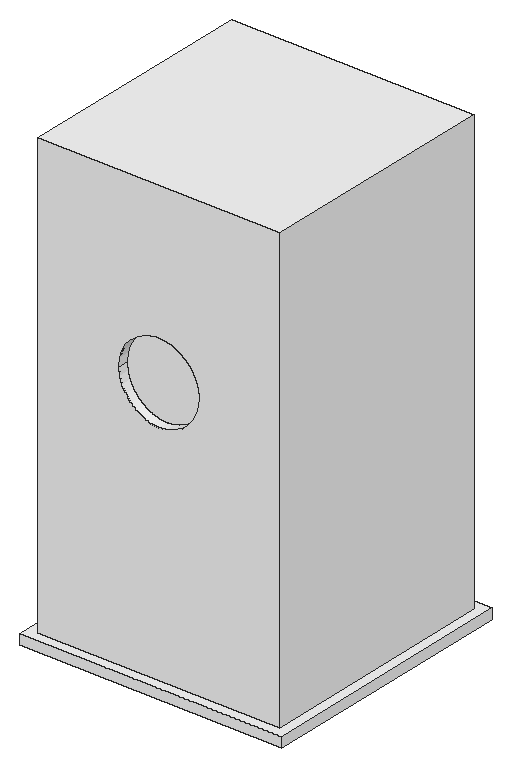
Revit family "Plumbing Fixture-Grease_Interseptor_Mifab_MI-SOLID-LB", category Plumbing Fixtures, host Face, Revit 2013
Parameters
  Water Capacity = "2.22 Gallons"
  WFU = 0
  URL = "www.mifab.com"
  Model = "MI-SOLID-LB"
  Manufacturer = "MIFAB"
  Interceptor Material = Acid Resistant Epoxy Coated Green
  Grease Capacity = "23 lbs"
  Flow Rate = "15 GPM"
  Description = "Solid Interseptor"
  Default Elevation = 0"
  Assembly Code = "D2090300"
Reference planes (in)
  plane 1 "Center (Front/Back)": y = 0
  plane 2: z = 0
  plane 3 "Center (Left/Right)": x = 0
  plane 4: x = -3
  plane 5: y = -3
  plane 6: y = 3
  plane 7: x = 3
  plane 8: z = -11.25
  plane 9: z = -4.375
  plane 10: z = -8.375
  plane 11: z = -11
  plane 12: y = 2.75
  plane 13: y = -2.75
Forms (in)
  Extrusion 1, solid, material "Acid Resistant Epoxy Coated Green" <- "Interceptor Material"
    sketch origin (0, 0, 0) x (1, 0, 0) y (0, 1, 0)
      loop
        line (-3, 3) -> (-3, -3) -> (3, -3) -> (3, 3) -> (-3, 3)
    from 0 to -11.25
  Extrusion 2, solid, material "Acid Resistant Epoxy Coated Green" <- "Interceptor Material"
    sketch origin (0, 0, 0) x (1, 0, 0) y (0, 1, 0)
      loop
        line (-3.25, 3.25) -> (-3.25, -3.25) -> (3.25, -3.25) -> (3.25, 3.25) -> (-3.25, 3.25)
    from -11 to -11.25
  Extrusion 3, void
    sketch origin (0, 0, 0) x (1, 0, 0) y (0, 0, 1)
      loop
        circle (0, -4.375) r 1
    from 2.75 to 3
  Extrusion 4, void
    sketch origin (0, 0, 0) x (1, 0, 0) y (0, 0, 1)
      loop
        circle (0, -8.375) r 1
    from -2.75 to -3
Cuts and joins
  Extrusion 3, Extrusion 4 cuts Extrusion 1
  joined: Extrusion 1, Extrusion 2
Lines and regions (in)
  symbolic lines
    curve 1: line (-3, 3, 0) -> (3, 3, 0)
    curve 2: line (-3, -3, 0) -> (-3, 3, 0)
    curve 3: line (3, -3, 0) -> (-3, -3, 0)
    curve 4: line (3, 3, 0) -> (3, -3, 0)
Dimensions and locks (in)
  locked: host face to plane 8 at 11.25
  locked: host face to plane 9 at 4.375
  locked: host face to plane 10 at 8.375
  equal spacing: plane 4, plane 3 "Center (Left/Right)", plane 7
  equal spacing: plane 6, plane 1 "Center (Front/Back)", plane 5
  locked: plane 4 to plane 7 at 6
  locked: plane 6 to plane 5 at 6
  locked: Extrusion 2 sketch curve to plane 4 at 0.25
  locked: plane 7 to Extrusion 2 sketch curve at 0.25
  locked: plane 5 to Extrusion 2 sketch curve at 0.25
  plane 6 to Extrusion 2 sketch curve = 1/4"
  locked: plane 11 to plane 8 at 0.25
  locked: plane 13 to plane 5 at 0.25
  locked: plane 6 to plane 12 at 0.25
  diameter of Extrusion 3 sketch curve = 2"
  diameter of Extrusion 4 sketch curve = 2"
  aligned and locked: plane 2 to host face
  aligned and locked: level to host face
  aligned and locked: Extrusion 1 sketch curve to plane 6
  aligned and locked: plane 4 to Extrusion 1 sketch curve
  aligned and locked: plane 5 to Extrusion 1 sketch curve
  aligned and locked: Extrusion 1 sketch curve to plane 7
  aligned and locked: Extrusion 1 to plane 8
  aligned and locked: plane 11 to Extrusion 2
  aligned and locked: Extrusion 3 to plane 13
  aligned and locked: Extrusion 3 to plane 5
  aligned and locked: plane 12 to Extrusion 4
  aligned and locked: plane 6 to Extrusion 4
  aligned and locked: curve 1 to plane 6
  aligned and locked: plane 4 to curve 2
  aligned and locked: plane 5 to curve 3
  aligned and locked: curve 4 to plane 7
Automatic sketch dimensions
  host sketch curve to host sketch curve = 20.242"
  host sketch curve to host sketch curve = 20.23456"
  Extrusion 3 sketch curve to plane 3 "Center (Left/Right)" = 0"
  Extrusion 3 sketch curve to plane 9 = 0"
  Extrusion 4 sketch curve to plane 3 "Center (Left/Right)" = 0"
  Extrusion 4 sketch curve to plane 10 = 0"
Connectors (in)
  piping at (0, -3, -4.375)
    settings: on cut or joined group of Extrusion 1, Extrusion 2, Extrusion 3, Extrusion 4, index 1, connector radius 1", flow factor 0, pipe flow 0 GPM, pressure drop 0.00 psi, fitting loss kfactor 0, connector angle 0.00°, fixture units 0, engagement length 0", flow configuration 0, flow direction 1, fitting loss method 0, system type 16, joint type 0, gender type 0, connector reference index -1, connector utility 0, adjustable connector no, is connector primary yes, fitting loss table "", connector description "In"
  piping at (0, 3, -8.375)
    settings: on cut or joined group of Extrusion 1, Extrusion 2, Extrusion 3, Extrusion 4, index 2, connector radius 1", flow factor 0, pipe flow 0 GPM, pressure drop 0.00 psi, fitting loss kfactor 0, connector angle 0.00°, fixture units 0, engagement length 0", flow configuration 0, flow direction 2, fitting loss method 0, system type 16, joint type 0, gender type 0, connector reference index -1, connector utility 0, adjustable connector no, is connector primary no, fitting loss table "", connector description "Out"
